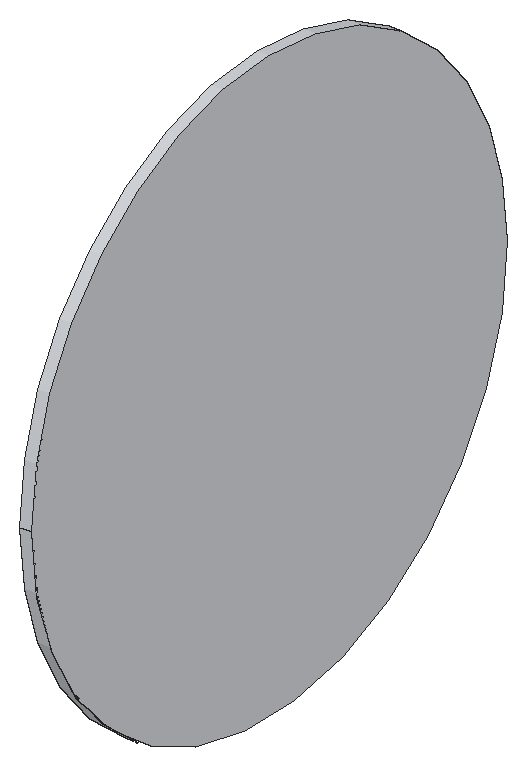
Revit family "M_Round Union", category Duct Fittings, Revit 2014
Parameters (values of type "Standard")
  Duct Radius [instance] = 150 mm
  Duct Length [instance] = 6 mm
  Assembly Code = ""
Reference planes
  plane 1 "Center (Front/Back)": y = 0
  plane 2: z = 0
  plane 3 "Center (Left/Right)": x = 0
  plane 4: x = 6
Forms (mm)
  Sweep 1, solid, detail levels medium+fine
    path in 3D
      loop
        line (0, 0, 0) -> (6, 0, 0)
    profile origin (3, 0, 0) x (0, 1, 0) y (0, 0, 1)
      loop
        circle (0, 0) r 150
Lines and regions (mm)
  model lines, style "DuctFitting", detail levels coarse
    curve 1: line (0, 0, 0) -> (6, 0, 0)
  sketch lines
    curve 2: line (0, 0, 0) -> (6, 0, 0)
Dimensions and locks
  "Duct Length": plane 3 "Center (Left/Right)" to plane 4
  "Duct Radius": radius of Sweep 1 sketch curve
  aligned and locked: plane 3 "Center (Left/Right)" to curve 1
  aligned and locked: plane 1 "Center (Front/Back)" to curve 1
Automatic sketch dimensions
  Sweep 1 sketch curve to profile plane = 0 mm  (x2)
  curve 1 to plane 4 = 0 mm
Connectors
  hvac at (0, 0, 0), driven by "Duct Radius"
    settings: on Sweep 1, index 0, duct flow 0.0 L/s, flow factor 0, pres drop 0.0 Pa, loss coef 0, conn angle 0.00°, conn width 304.8 mm, conn height 304.8 mm, conn diameter 300 mm, duct sys type 28, conn prof type 0, flow config 0, flow direction 0, loss method 0, conn ref index 1, conn util no, is conn primary yes, conn desc ""
  hvac at (6, 0, 0), driven by "Duct Radius"
    settings: on Sweep 1, index 1, duct flow 0.0 L/s, flow factor 0, pres drop 0.0 Pa, loss coef 0, conn angle 0.00°, conn width 304.8 mm, conn height 304.8 mm, conn diameter 300 mm, duct sys type 28, conn prof type 0, flow config 0, flow direction 0, loss method 0, conn ref index 0, conn util no, is conn primary no, conn desc ""
